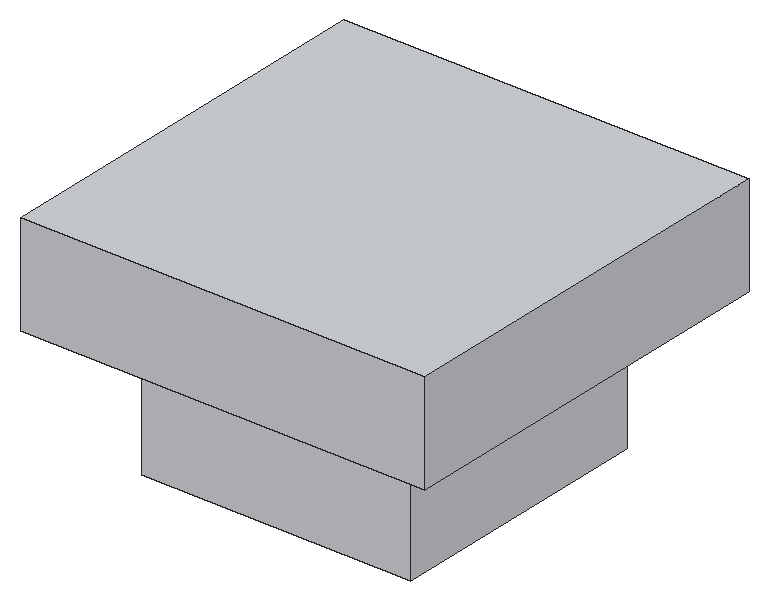
Revit family "Averaging Temperature Sensor", category Mechanical Control Devices, host Face, Revit 2025
Family settings
  Host = Face
  Round Connector Dimension = Use Diameter
  Part Type = Normal
  Cut with Voids When Loaded = No
  Maintain Annotation Orientation = Yes
  Shared = No
  Room Calculation Point = No
Parameters (values of type "ATS (Ceiling Mounted)")
  Width = 3"
  Wall Mounted = no
  Rotate [instance] = yes
  Label = "ATS"
  Height = 3"
  Default Elevation = 48"
  Ceiling Mounted = yes
Types (2): name | Wall Mounted | Rotate | Ceiling Mounted
  ATS (Wall Mounted) | yes | no | no
  ATS (Ceiling Mounted) | no | yes | yes
Reference planes (in)
  plane 1 "Center (Front/Back)": y = 0
  plane 2: z = 0
  plane 3 "Center (Left/Right)": x = 0
  plane 4: z = 0.75
  plane 5: z = -1
Forms (in)
  Extrusion 1, solid
    sketch origin (0, 0, 0) x (1, 0, 0) y (0, 1, 0)
      loop
        line (-1.5, 1.5) -> (-1.5, -1.5) -> (1.5, -1.5) -> (1.5, 1.5) -> (-1.5, 1.5)
    from 0 to 0.75
  Extrusion 2, solid
    sketch origin (0, 0, 0) x (1, 0, 0) y (0, 1, 0)
      loop
        line (-1, 1) -> (-1, -1) -> (1, -1) -> (1, 1) -> (-1, 1)
    from 0 to -1
Dimensions and locks (in)
  equal spacing: Extrusion 1 sketch curve, plane 3 "Center (Left/Right)", Extrusion 1 sketch curve
  equal spacing: Extrusion 1 sketch curve, plane 1 "Center (Front/Back)", Extrusion 1 sketch curve
  "Height": Extrusion 1 sketch curve to Extrusion 1 sketch curve
  "Width": Extrusion 1 sketch curve to Extrusion 1 sketch curve
  plane 4 to plane 2 = 3/4"
  equal spacing: Extrusion 2 sketch curve, plane 3 "Center (Left/Right)", Extrusion 2 sketch curve
  equal spacing: Extrusion 2 sketch curve, plane 1 "Center (Front/Back)", Extrusion 2 sketch curve
  plane 1 "Center (Front/Back)" to Extrusion 2 sketch curve = 1"
  plane 3 "Center (Left/Right)" to Extrusion 2 sketch curve = 1"
  plane 2 to plane 5 = 1"
  aligned and locked: plane 2 to host face
  aligned and locked: level to host face
  aligned and locked: plane 4 to Extrusion 1
  aligned and locked: Extrusion 2 to plane 5
Automatic sketch dimensions
  host sketch curve to host sketch curve = 96"  (x2)
Nested families (in)
  nested 1: "Wall Symbol" at (0, 0, 0), visible <- "Wall Mounted", type "Standard"
  nested 2: "Ceiling Symbol" at (0, 0, 0), visible <- "Ceiling Mounted", type "Standard"
Definition of nested family "Wall Symbol"
  Parameters (values of type "Standard")
    Rotate = yes
    Not Rotate = not(Rotate)  # no
    Label = "ATS"
  Reference planes (in)
    plane 1: y = 0
    plane 2: x = 0
  Lines and regions (in)
    detail lines
      curve 1: circle (0, 0.125, 0) r 0.125 normal (0, 0, 1)
  Text (in)
    label "ATS" at (0.00258, 0.12377, 0), shows "Label", visible <- "Not Rotate"
    label "ATS" at (0.00258, 0.12377, 0), shows "Label", visible <- "Rotate"
Definition of nested family "Ceiling Symbol"
  Parameters (values of type "Standard")
    Label = "ATS"
  Reference planes (in)
    plane 1: y = 0
    plane 2: x = 0
  Lines and regions (in)
    detail lines
      curve 1: circle (0, 0, 0) r 0.125 normal (0, 0, 1)
  Text (in)
    label "ATS" at (0.00258, -0.00123, 0), shows "Label"
